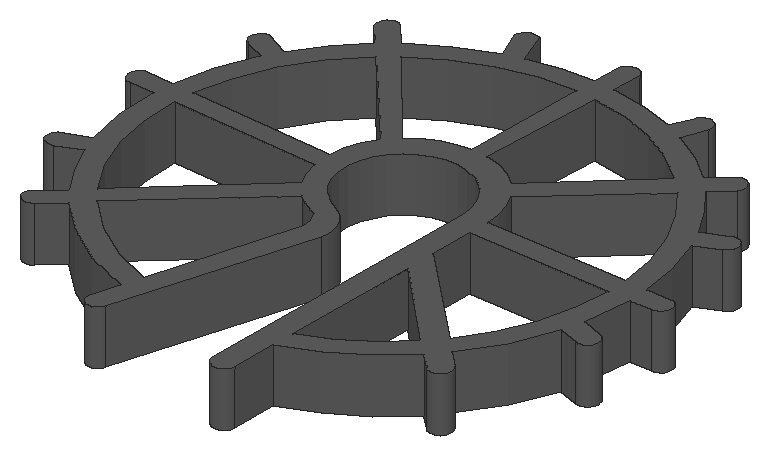
Revit family "101010003202804", category Modelos genéricos, Revit 2018
Family settings
  Puede alojar armadura = No
  Cota de conector redondo = Diámetro de uso
  Tipo de pieza = Normal
  Se basa en plano de trabajo = No
  Siempre vertical = No
  Corte con vacíos al cargar = No
  Compartido = No
  Punto de cálculo de habitación = No
Parameters (values of type "SEPARADOR MOLDAJE RUEDA 20MM BOLSA 1.000UN")
  Ventajas = ""
  Uso = "Se usa para distanciar una barra o malla, del encofrado, y placa de fenólico en muros, en trabajos verticales, y vigas de losa."
  Unidad = "Bolsa 1000 Un."
  URL = "https://www.empresascnp.cl/"
  Num SKUs = "101010003202804"
  Nombre SKU = "SEPARADOR MOLDAJE RUEDA 20MM BOLSA 1.000UN"
  Modelo = "SEPARADOR MOLDAJE RUEDA"
  Material = PEAD
  Url Ficha tecnica = "https://empresascnp.cl/wp-content/uploads//pdf/ficha-tecnica-separador-moldaje-rueda-20mm-bolsa-1-000un.pdf"
  Espesor = 0.00 mm
  Empresa = "CNP SPA."
  Dureza = ""
  Dimension = 20.00 mm
  Description = ""
  Contacto = "info@empresascnp.cl"
  Color = "Negro"
  Aplicacion = ""
Reference planes
  plane 1 "Center F/B": y = 0
  plane 2: z = 0
  plane 3 "Center L/R": x = -5.978
  plane 4: z = 20
  plane 5: x = -15.978
  plane 6: x = 4.022
  plane 7: y = 10
  plane 8: y = -10
Forms (mm)
  Extrusion 1, solid, material "PEAD" <- "Material"
    sketch origin (0, 0, 0) x (1, 0, 0) y (0, 1, 0)
      loop
        arc (-3.22, -8.659) -> (-1.237, -7.753) -> (0.474, -6.4) r 9.087
        line (0.474, -6.4) -> (1.034, -6.977)
        arc (1.034, -6.977) -> (1.604, -6.972) -> (1.609, -6.402) r 0.407
        line (1.609, -6.402) -> (1.023, -5.794)
        arc (1.023, -5.794) -> (1.971, -4.404) -> (2.647, -2.862) r 9.087
        line (2.647, -2.862) -> (3.413, -3.14)
        arc (3.413, -3.14) -> (3.932, -2.904) -> (3.704, -2.381) r 0.407
        line (3.704, -2.381) -> (2.876, -2.046)
        arc (2.876, -2.046) -> (3.034, -1.17) -> (3.105, -0.282) r 9.087
        line (3.105, -0.282) -> (3.933, -0.311)
        arc (3.933, -0.311) -> (4.349, 0.077) -> (3.961, 0.493) r 0.402
        line (3.961, 0.493) -> (3.095, 0.523)
        arc (3.095, 0.523) -> (2.898, 1.952) -> (2.477, 3.331) r 9.087
        line (2.477, 3.331) -> (3.335, 3.678)
        arc (3.335, 3.678) -> (3.558, 4.201) -> (3.034, 4.424) r 0.402
        line (3.034, 4.424) -> (2.149, 4.066)
        arc (2.149, 4.066) -> (1.556, 5.082) -> (0.836, 6.013) r 9.087
        line (0.836, 6.013) -> (1.516, 6.626)
        arc (1.516, 6.626) -> (1.472, 7.16) -> (0.935, 7.164) r 0.398
        line (0.935, 7.164) -> (0.288, 6.582)
        arc (0.288, 6.582) -> (-0.658, 7.368) -> (-1.702, 8.019) r 9.087
        line (-1.702, 8.019) -> (-1.333, 8.891)
        arc (-1.333, 8.891) -> (-1.591, 9.361) -> (-2.083, 9.147) r 0.398
        line (-2.083, 9.147) -> (-2.43, 8.366)
        arc (-2.43, 8.366) -> (-3.652, 8.785) -> (-4.921, 9.026) r 9.087
        line (-4.921, 9.026) -> (-4.845, 10.122)
        arc (-4.845, 10.122) -> (-5.276, 10.385) -> (-5.614, 10.011) r 0.396
        line (-5.614, 10.011) -> (-5.655, 9.082)
        arc (-5.655, 9.082) -> (-6.848, 9.046) -> (-8.026, 8.854) r 9.087
        line (-8.026, 8.854) -> (-8.458, 10.04)
        arc (-8.458, 10.04) -> (-8.94, 10.049) -> (-9.073, 9.586) r 0.396
        line (-9.073, 9.586) -> (-8.711, 8.667)
        arc (-8.711, 8.667) -> (-10.091, 8.103) -> (-11.361, 7.321) r 9.087
        line (-11.361, 7.321) -> (-12.052, 8.176)
        arc (-12.052, 8.176) -> (-12.547, 8.074) -> (-12.539, 7.569) r 0.396
        line (-12.539, 7.569) -> (-11.936, 6.862)
        arc (-11.936, 6.862) -> (-12.865, 5.928) -> (-13.65, 4.87) r 9.087
        line (-13.65, 4.87) -> (-14.605, 5.357)
        arc (-14.605, 5.357) -> (-14.952, 5.03) -> (-14.732, 4.607) r 0.396
        line (-14.732, 4.607) -> (-14.005, 4.26)
        arc (-14.005, 4.26) -> (-14.598, 2.876) -> (-14.954, 1.414) r 9.087
        line (-14.954, 1.414) -> (-16.043, 1.49)
        arc (-16.043, 1.49) -> (-16.306, 1.06) -> (-15.932, 0.721) r 0.396
        line (-15.932, 0.721) -> (-15.04, 0.681)
        arc (-15.04, 0.681) -> (-15.021, -0.898) -> (-14.729, -2.45) r 9.087
        line (-14.729, -2.45) -> (-15.757, -2.825)
        arc (-15.757, -2.825) -> (-15.846, -3.331) -> (-15.36, -3.498) r 0.396
        line (-15.36, -3.498) -> (-14.498, -3.159)
        arc (-14.498, -3.159) -> (-14.025, -4.221) -> (-13.42, -5.214) r 9.087
        line (-13.42, -5.214) -> (-14.256, -5.959)
        arc (-14.256, -5.959) -> (-14.187, -6.483) -> (-13.659, -6.471) r 0.396
        line (-13.659, -6.471) -> (-12.96, -5.816)
        arc (-12.96, -5.816) -> (-11.079, -7.52) -> (-8.8, -8.638) r 9.087
        line (-8.8, -8.638) -> (-9.117, -9.613)
        arc (-9.117, -9.613) -> (-8.861, -10.115) -> (-8.359, -9.859) r 0.399
        line (-8.359, -9.859) -> (-6.085, -2.861)
        arc (-6.085, -2.861) -> (-6.191, -1.958) -> (-6.837, -1.319) r 1.377
        arc (-6.837, -1.319) -> (-6.924, 2.566) -> (-3.751, 0.322) r 2.175
        line (-3.751, 0.322) -> (-4.122, -10.288)
        arc (-4.122, -10.288) -> (-3.714, -10.71) -> (-3.278, -10.317) r 0.422
        line (-3.278, -10.317) -> (-3.22, -8.659)
      loop
        arc (-3.191, -7.807) -> (-1.524, -6.992) -> (-0.081, -5.826) r 8.29
        line (-0.081, -5.826) -> (-3.015, -2.787) -> (-3.191, -7.807)
      loop
        arc (-6.929, -2.88) -> (-6.897, -2.416) -> (-7.086, -1.992) r 0.96
        arc (-7.086, -1.992) -> (-7.579, -1.72) -> (-8.014, -1.361) r 3.001
        line (-8.014, -1.361) -> (-12.388, -5.257)
        arc (-12.388, -5.257) -> (-10.658, -6.842) -> (-8.554, -7.88) r 8.29
        line (-8.554, -7.88) -> (-6.929, -2.88)
      loop
        line (-2.92, -0.073) -> (-2.976, -1.657) -> (0.464, -5.218)
        arc (0.464, -5.218) -> (1.793, -2.888) -> (2.308, -0.255) r 8.29
        line (2.308, -0.255) -> (-2.92, -0.073)
      loop
        line (-2.892, 0.731) -> (2.294, 0.55)
        arc (2.294, 0.55) -> (1.676, 3.184) -> (0.243, 5.479) r 8.29
        line (0.243, 5.479) -> (-3.307, 2.283)
        arc (-3.307, 2.283) -> (-2.994, 1.535) -> (-2.892, 0.731) r 3.001
      loop
        line (-3.797, 2.909) -> (-0.309, 6.049)
        arc (-0.309, 6.049) -> (-2.47, 7.511) -> (-4.977, 8.229) r 8.29
        line (-4.977, 8.229) -> (-5.294, 3.701)
        arc (-5.294, 3.701) -> (-4.488, 3.413) -> (-3.797, 2.909) r 3.001
      loop
        line (-5.893, 3.762) -> (-5.693, 8.285)
        arc (-5.693, 8.285) -> (-8.408, 7.926) -> (-10.858, 6.701) r 8.29
        line (-10.858, 6.701) -> (-7.874, 3.015)
        arc (-7.874, 3.015) -> (-6.951, 3.569) -> (-5.893, 3.762) r 3.001
      loop
        line (-8.282, 2.576) -> (-11.42, 6.254)
        arc (-11.42, 6.254) -> (-13.214, 4.044) -> (-14.156, 1.358) r 8.29
        line (-14.156, 1.358) -> (-8.885, 0.99)
        arc (-8.885, 0.99) -> (-8.698, 1.826) -> (-8.282, 2.576) r 3.001
      loop
        line (-8.852, 0.267) -> (-14.243, 0.644)
        arc (-14.243, 0.644) -> (-13.987, -2.14) -> (-12.82, -4.68) r 8.29
        line (-12.82, -4.68) -> (-8.458, -0.795)
        arc (-8.458, -0.795) -> (-8.706, -0.283) -> (-8.852, 0.267) r 3.001
    from 0 to 2
Dimensions and locks
  "Dimension": plane 4 to level
  equal spacing: plane 5, plane 3 "Center L/R", plane 6
  plane 5 to plane 6 = 20.00 mm
  plane 7 to plane 8 = 20.00 mm
Automatic sketch dimensions
  Extrusion 1 sketch curve to Extrusion 1 sketch curve = 0.00 mm  (x492)
  plane 1 "Center F/B" to Extrusion 1 sketch curve = 0.00 mm
  Extrusion 1 sketch curve to plane 3 "Center L/R" = 0.00 mm
  Extrusion 1 sketch curve to plane 3 "Center L/R" = 0.107 mm
  Extrusion 1 sketch curve to Extrusion 1 sketch curve = 0.844 mm
  Extrusion 1 sketch curve to Extrusion 1 sketch curve = 0.499 mm
  Extrusion 1 sketch curve to Extrusion 1 sketch curve = 0.414 mm
  Extrusion 1 sketch curve to plane 3 "Center L/R" = 1.896 mm
  Extrusion 1 sketch curve to Extrusion 1 sketch curve = 0.172 mm
  Extrusion 1 sketch curve to plane 3 "Center L/R" = 2.048 mm
  Extrusion 1 sketch curve to Extrusion 1 sketch curve = 0.409 mm
  Extrusion 1 sketch curve to plane 8 = 0.141 mm
  Extrusion 1 sketch curve to plane 3 "Center L/R" = 2.381 mm
  Extrusion 1 sketch curve to plane 7 = 0.04 mm
  Extrusion 1 sketch curve to Extrusion 1 sketch curve = 0.432 mm
  plane 1 "Center F/B" to Extrusion 1 sketch curve = 0.795 mm
  Extrusion 1 sketch curve to Extrusion 1 sketch curve = 0.445 mm
  Extrusion 1 sketch curve to Extrusion 1 sketch curve = 0.195 mm
  plane 7 to Extrusion 1 sketch curve = 0.269 mm
  Extrusion 1 sketch curve to Extrusion 1 sketch curve = 0.246 mm  (x2)
  plane 7 to Extrusion 1 sketch curve = 1.333 mm
  Extrusion 1 sketch curve to Extrusion 1 sketch curve = 0.685 mm
  Extrusion 1 sketch curve to plane 8 = 0.264 mm
  Extrusion 1 sketch curve to Extrusion 1 sketch curve = 0.379 mm
  Extrusion 1 sketch curve to plane 8 = 1.362 mm
  Extrusion 1 sketch curve to plane 1 "Center F/B" = 0.267 mm
  Extrusion 1 sketch curve to Extrusion 1 sketch curve = 0.394 mm
  Extrusion 1 sketch curve to plane 1 "Center F/B" = 0.99 mm
  Extrusion 1 sketch curve to Extrusion 1 sketch curve = 0.032 mm
  plane 7 to Extrusion 1 sketch curve = 0.414 mm
  Extrusion 1 sketch curve to plane 8 = 0.387 mm
  Extrusion 1 sketch curve to Extrusion 1 sketch curve = 2.147 mm
  plane 7 to Extrusion 1 sketch curve = 2.679 mm
  Extrusion 1 sketch curve to Extrusion 1 sketch curve = 0.561 mm
  Extrusion 1 sketch curve to Extrusion 1 sketch curve = 0.575 mm
  plane 7 to Extrusion 1 sketch curve = 1.824 mm
  Extrusion 1 sketch curve to Extrusion 1 sketch curve = 0.692 mm
  Extrusion 1 sketch curve to Extrusion 1 sketch curve = 0.186 mm
  plane 5 to Extrusion 1 sketch curve = 3.59 mm
  Extrusion 1 sketch curve to Extrusion 1 sketch curve = 0.301 mm
  Extrusion 1 sketch curve to Extrusion 1 sketch curve = 0.433 mm
  Extrusion 1 sketch curve to Extrusion 1 sketch curve = 0.573 mm
  Extrusion 1 sketch curve to Extrusion 1 sketch curve = 0.46 mm
  plane 5 to Extrusion 1 sketch curve = 2.328 mm
  Extrusion 1 sketch curve to Extrusion 1 sketch curve = 0.699 mm
  Extrusion 1 sketch curve to Extrusion 1 sketch curve = 0.271 mm
  Extrusion 1 sketch curve to Extrusion 1 sketch curve = 0.355 mm
  plane 5 to Extrusion 1 sketch curve = 1.822 mm
  Extrusion 1 sketch curve to plane 1 "Center F/B" = 0.644 mm
  Extrusion 1 sketch curve to Extrusion 1 sketch curve = 0.087 mm
  Extrusion 1 sketch curve to Extrusion 1 sketch curve = 0.326 mm
  plane 5 to Extrusion 1 sketch curve = 1.479 mm
  Extrusion 1 sketch curve to Extrusion 1 sketch curve = 0.556 mm
  Extrusion 1 sketch curve to Extrusion 1 sketch curve = 0.044 mm
  Extrusion 1 sketch curve to Extrusion 1 sketch curve = 0.23 mm
  Extrusion 1 sketch curve to Extrusion 1 sketch curve = 0.171 mm
  Extrusion 1 sketch curve to Extrusion 1 sketch curve = 0.799 mm
  Extrusion 1 sketch curve to plane 1 "Center F/B" = 0.681 mm
  Extrusion 1 sketch curve to Extrusion 1 sketch curve = 0.085 mm
  plane 5 to Extrusion 1 sketch curve = 0.617 mm
  Extrusion 1 sketch curve to Extrusion 1 sketch curve = 0.145 mm
  plane 5 to Extrusion 1 sketch curve = 0.22 mm
  plane 5 to Extrusion 1 sketch curve = 0.063 mm
  plane 5 to Extrusion 1 sketch curve = 0.046 mm
  Extrusion 1 sketch curve to plane 5 = 0.065 mm
  plane 3 "Center L/R" to Extrusion 1 sketch curve = 0.075 mm
  plane 3 "Center L/R" to Extrusion 1 sketch curve = 0.085 mm
  plane 3 "Center L/R" to Extrusion 1 sketch curve = 0.285 mm
  plane 3 "Center L/R" to Extrusion 1 sketch curve = 0.322 mm
  Extrusion 1 sketch curve to plane 7 = 0.011 mm
  plane 3 "Center L/R" to Extrusion 1 sketch curve = 0.363 mm
  Extrusion 1 sketch curve to Extrusion 1 sketch curve = 0.599 mm
  plane 7 to Extrusion 1 sketch curve = 0.006 mm
  Extrusion 1 sketch curve to Extrusion 1 sketch curve = 0.395 mm  (x2)
  Extrusion 1 sketch curve to Extrusion 1 sketch curve = 0.716 mm
  Extrusion 1 sketch curve to Extrusion 1 sketch curve = 0.734 mm
  Extrusion 1 sketch curve to plane 7 = 0.122 mm
  plane 8 to Extrusion 1 sketch curve = 0.288 mm
  plane 3 "Center L/R" to Extrusion 1 sketch curve = 1.856 mm
  Extrusion 1 sketch curve to Extrusion 1 sketch curve = 1.497 mm
  Extrusion 1 sketch curve to plane 1 "Center F/B" = 0.322 mm
  Extrusion 1 sketch curve to Extrusion 1 sketch curve = 2.151 mm
  Extrusion 1 sketch curve to Extrusion 1 sketch curve = 0.422 mm
  Extrusion 1 sketch curve to Extrusion 1 sketch curve = 0.49 mm
  plane 8 to Extrusion 1 sketch curve = 0.317 mm
  Extrusion 1 sketch curve to plane 8 = 1.341 mm
  Extrusion 1 sketch curve to Extrusion 1 sketch curve = 0.058 mm
  Extrusion 1 sketch curve to Extrusion 1 sketch curve = 0.03 mm
  plane 3 "Center L/R" to Extrusion 1 sketch curve = 2.963 mm
  Extrusion 1 sketch curve to Extrusion 1 sketch curve = 0.039 mm
  plane 1 "Center F/B" to Extrusion 1 sketch curve = 0.073 mm
  Extrusion 1 sketch curve to Extrusion 1 sketch curve = 0.831 mm
  Extrusion 1 sketch curve to plane 1 "Center F/B" = 0.731 mm
  Extrusion 1 sketch curve to Extrusion 1 sketch curve = 0.028 mm
  plane 7 to Extrusion 1 sketch curve = 1.634 mm
  Extrusion 1 sketch curve to Extrusion 1 sketch curve = 2.547 mm
  plane 7 to Extrusion 1 sketch curve = 0.853 mm
  Extrusion 1 sketch curve to Extrusion 1 sketch curve = 0.347 mm  (x3)
  Extrusion 1 sketch curve to Extrusion 1 sketch curve = 0.363 mm
  plane 7 to Extrusion 1 sketch curve = 1.981 mm
  Extrusion 1 sketch curve to Extrusion 1 sketch curve = 0.728 mm
  plane 7 to Extrusion 1 sketch curve = 1.109 mm
  Extrusion 1 sketch curve to Extrusion 1 sketch curve = 0.387 mm
  Extrusion 1 sketch curve to Extrusion 1 sketch curve = 1.392 mm
  Extrusion 1 sketch curve to Extrusion 1 sketch curve = 3.11 mm
  Extrusion 1 sketch curve to Extrusion 1 sketch curve = 0.553 mm
  plane 7 to Extrusion 1 sketch curve = 3.418 mm
  Extrusion 1 sketch curve to Extrusion 1 sketch curve = 0.544 mm
  Extrusion 1 sketch curve to Extrusion 1 sketch curve = 0.554 mm
  Extrusion 1 sketch curve to Extrusion 1 sketch curve = 0.548 mm
  Extrusion 1 sketch curve to Extrusion 1 sketch curve = 0.647 mm
  Extrusion 1 sketch curve to Extrusion 1 sketch curve = 0.559 mm
  Extrusion 1 sketch curve to Extrusion 1 sketch curve = 0.56 mm
  Extrusion 1 sketch curve to Extrusion 1 sketch curve = 0.266 mm
  Extrusion 1 sketch curve to Extrusion 1 sketch curve = 0.283 mm
  Extrusion 1 sketch curve to Extrusion 1 sketch curve = 0.315 mm
  Extrusion 1 sketch curve to Extrusion 1 sketch curve = 0.293 mm  (x2)
  Extrusion 1 sketch curve to plane 6 = 1.873 mm
  Extrusion 1 sketch curve to plane 1 "Center F/B" = 0.55 mm
  Extrusion 1 sketch curve to plane 6 = 1.728 mm
  Extrusion 1 sketch curve to Extrusion 1 sketch curve = 0.014 mm
  Extrusion 1 sketch curve to Extrusion 1 sketch curve = 0.328 mm
  Extrusion 1 sketch curve to plane 6 = 1.375 mm
  Extrusion 1 sketch curve to Extrusion 1 sketch curve = 0.229 mm
  Extrusion 1 sketch curve to Extrusion 1 sketch curve = 0.885 mm
  Extrusion 1 sketch curve to plane 1 "Center F/B" = 0.523 mm
  Extrusion 1 sketch curve to Extrusion 1 sketch curve = 0.801 mm
  plane 1 "Center F/B" to Extrusion 1 sketch curve = 0.282 mm
  Extrusion 1 sketch curve to Extrusion 1 sketch curve = 0.797 mm
  Extrusion 1 sketch curve to Extrusion 1 sketch curve = 0.151 mm  (x2)
  Extrusion 1 sketch curve to plane 6 = 0.61 mm
  Extrusion 1 sketch curve to Extrusion 1 sketch curve = 0.139 mm
  Extrusion 1 sketch curve to plane 6 = 0.318 mm
  Extrusion 1 sketch curve to plane 6 = 0.089 mm
  Extrusion 1 sketch curve to plane 6 = 0.075 mm
  Extrusion 1 sketch curve to plane 6 = 0.061 mm
  Extrusion 1 sketch curve to Extrusion 1 sketch curve = 0.758 mm
  Extrusion 1 sketch curve to Extrusion 1 sketch curve = 0.852 mm
  Extrusion 1 sketch curve to Extrusion 1 sketch curve = 0.577 mm
  Extrusion 1 sketch curve to Extrusion 1 sketch curve = 0.655 mm
  Extrusion 1 sketch curve to Extrusion 1 sketch curve = 0.289 mm
  Extrusion 1 sketch curve to Extrusion 1 sketch curve = 0.606 mm  (x2)
  Extrusion 1 sketch curve to Extrusion 1 sketch curve = 0.576 mm
  Extrusion 1 sketch curve to Extrusion 1 sketch curve = 0.602 mm
  Extrusion 1 sketch curve to Extrusion 1 sketch curve = 0.339 mm
  Extrusion 1 sketch curve to Extrusion 1 sketch curve = 0.279 mm
  Extrusion 1 sketch curve to Extrusion 1 sketch curve = 0.368 mm
  Extrusion 1 sketch curve to Extrusion 1 sketch curve = 2.085 mm
  Extrusion 1 sketch curve to Extrusion 1 sketch curve = 0.019 mm
  Extrusion 1 sketch curve to Extrusion 1 sketch curve = 1.13 mm
  Extrusion 1 sketch curve to Extrusion 1 sketch curve = 0.382 mm
  Extrusion 1 sketch curve to Extrusion 1 sketch curve = 0.297 mm
  Extrusion 1 sketch curve to Extrusion 1 sketch curve = 0.021 mm
  Extrusion 1 sketch curve to Extrusion 1 sketch curve = 0.567 mm
  plane 1 "Center F/B" to Extrusion 1 sketch curve = 0.311 mm
  Extrusion 1 sketch curve to plane 1 "Center F/B" = 0.091 mm
  Extrusion 1 sketch curve to Extrusion 1 sketch curve = 0.115 mm
  Extrusion 1 sketch curve to plane 1 "Center F/B" = 0.721 mm
  Extrusion 1 sketch curve to Extrusion 1 sketch curve = 0.714 mm
  Extrusion 1 sketch curve to Extrusion 1 sketch curve = 0.733 mm
  Extrusion 1 sketch curve to Extrusion 1 sketch curve = 0.626 mm
  Extrusion 1 sketch curve to Extrusion 1 sketch curve = 0.439 mm
  Extrusion 1 sketch curve to Extrusion 1 sketch curve = 0.373 mm
  Extrusion 1 sketch curve to Extrusion 1 sketch curve = 0.735 mm
  Extrusion 1 sketch curve to Extrusion 1 sketch curve = 0.611 mm
  Extrusion 1 sketch curve to Extrusion 1 sketch curve = 0.357 mm
  Extrusion 1 sketch curve to Extrusion 1 sketch curve = 0.57 mm
  Extrusion 1 sketch curve to Extrusion 1 sketch curve = 0.613 mm
  Extrusion 1 sketch curve to Extrusion 1 sketch curve = 0.447 mm
  Extrusion 1 sketch curve to Extrusion 1 sketch curve = 0.243 mm
  Extrusion 1 sketch curve to Extrusion 1 sketch curve = 0.187 mm
